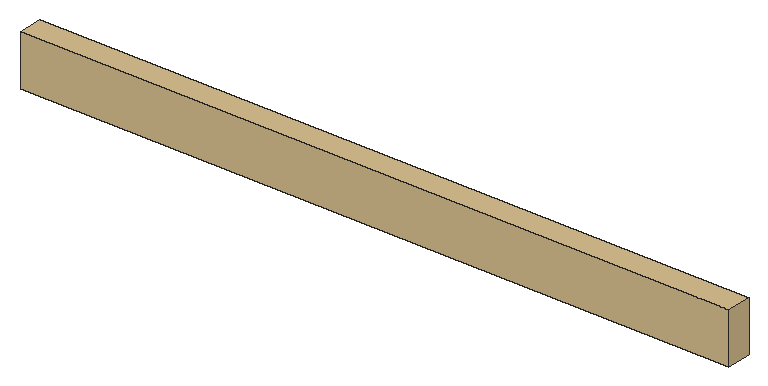
Revit family "Techlam Standard Beam-42mm", category Structural Framing, Revit 2016
Family settings
  Structural Framing Length Roundoff = 1 mm
  Section Shape = Not Defined
  Material for Model Behavior = Wood
  Always export as geometry = No
  Always vertical = Yes
  Cut with Voids When Loaded = No
  Symbolic Representation = From Project Settings
  Shared = No
  Show family pre-cut in plan views = Yes
Parameters (values of type "88 x 42")
  Structural Material [instance] = Wood - Dimensional Lumber
  Length [instance] = 1524 mm
  b = 42 mm
  d = 88 mm
  Angle [instance] = 0.00°
Types (22, lengths in mm): name | d
  (no name) | 88
  88 x 42 | 88
  135 x 42 | 135
  140 x 42 | 140
  180 x 42 | 180
  190 x 42 | 190
  225 x 42 | 225
  240 x 42 | 240
  270 x 42 | 270
  290 x 42 | 290
  315 x 42 | 315
  360 x 42 | 360
  405 x 42 | 405
  450 x 42 | 450
  495 x 42 | 495
  540 x 42 | 540
  585 x 42 | 585
  630 x 42 | 630
  675 x 42 | 675
  720 x 42 | 720
  765 x 42 | 765
  810 x 42 | 810
Reference planes
  plane 1 "Center (Front/Back)": y = 0
  plane 2: z = 0
  plane 3 "Center (Left/Right)": x = 4.61
  plane 4 "Member Left": x = -604.99
  plane 5 "Member Right": x = 614.21
  plane 6: y = 21
  plane 7: y = -21
  plane 8: z = 44
  plane 9: z = -44
  plane 10 "Left": x = -757.39
  plane 11 "Right": x = 766.61
Forms (mm)
  Sweep 1, solid, material "Wood - Dimensional Lumber" <- "Structural Material", detail levels medium+fine
    path origin (0, 0, 0) x (1, 0, 0) y (0, 1, 0)
      loop
        line (614.21, 0) -> (-604.99, 0)
    profile "M_Rectangular Wood Beam-Profile : M_Rectangular Wood Beam-Profile" origin (4.61, 0, 0) x (0, -1, 0) y (0, 0, 1)
      loop
        line (-21, -44) -> (21, -44) -> (21, 44) -> (-21, 44) -> (-21, -44)
Lines and regions (mm)
  reference lines
    curve 1: line (4.61, 0, 0) -> (4.61, 0, 75)
  symbolic lines, style "Stick Symbols", detail levels coarse
    curve 2: line (4.61, 21, 44) -> (4.61, -21, 44)
    curve 3: line (4.61, -21, -44) -> (4.61, 21, -44)
    curve 4: line (4.61, -21, 44) -> (4.61, -21, -44)
    curve 5: line (4.61, 21, -44) -> (4.61, 21, 44)
Dimensions and locks
  "b": plane 6 to plane 7
  "d": plane 9 to plane 8
  equal spacing: plane 9, plane 2, plane 8
  equal spacing: plane 6, plane 1 "Center (Front/Back)", plane 7
  "Length": plane 10 "Left" to plane 11 "Right"
  "Angle": angle plane 1 "Center (Front/Back)" to curve 1
  aligned and locked: Sweep 1 sketch curve to plane 1 "Center (Front/Back)"
  aligned and locked: curve 2 to Sweep 1
  aligned and locked: curve 3 to Sweep 1
  aligned and locked: curve 4 to Sweep 1
  aligned and locked: curve 5 to Sweep 1
  aligned and locked: plane 4 "Member Left" to Sweep 1 sketch curve
  aligned and locked: plane 5 "Member Right" to Sweep 1 sketch curve
Automatic sketch dimensions
  curve 1 to plane 1 "Center (Front/Back)" = 0 mm
  curve 1 to level = 0 mm
